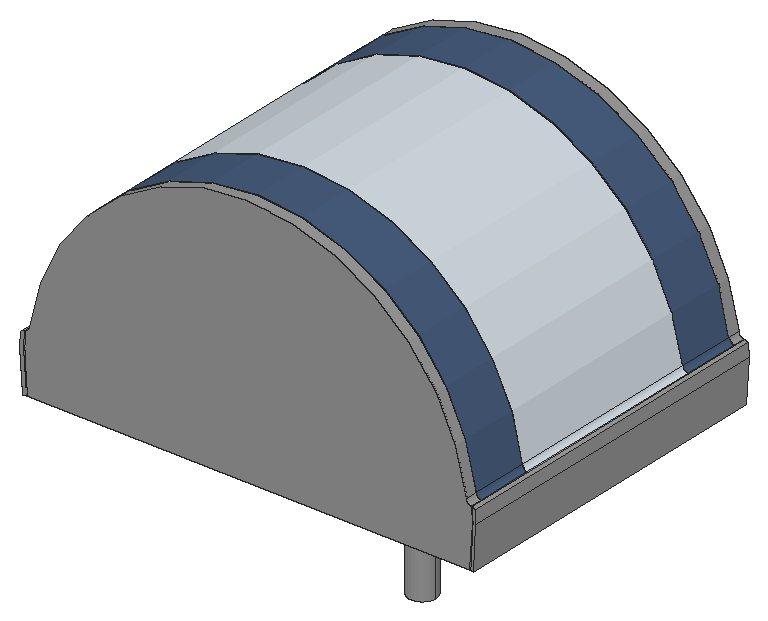
Revit family "Lyss 2.0", category Lighting Fixtures, host Face, Revit 2019
Family settings
  Host = Face
  Round Connector Dimension = Use Diameter
  Part Type = Normal
  Cut with Voids When Loaded = Yes
  Light Source = Yes
  Shared = No
  Room Calculation Point = Yes
Parameters (values of type "Lyss 2.0 U 12°x160° (RGBW 19W 24Vdc)")
  Wiring = "parallel"
  Width mm = 88 mm
  Weight kg = "0.70 kg"
  Wattage = 6.89367 W
  built-in parameter 1150110 = 1 (stored number, unit not read)
  Voltage = 24 V
  URL Accessories and power supply units = "https://www.lucelight.it/en/prodotto.php/116688#a-scheda-accessori"
  URL = "https://www.lucelight.it/en/prodotto.php/116688"
  built-in parameter 1114217 = 1 (stored number, unit not read)
  Tiltable = "-"
  URL Technical sheet = "https://www.lucelight.it/media/prodotti/st/ST_LYSS_20.pdf"
  URL Image = "https://www.lucelight.it/media/prodotti/foto/lyss_2.0_still.jpg"
  URL IES Photometric file = "https://www.lucelight.it/media/prodotti/fotometrie/lyss_2.0_ies.zip"
  URL General code = "https://www.lucelight.it/en/prodotto.php/116688#a-generacodice"
  URL Description = "https://www.lucelight.it/en/capitolato.php/116688"
  URL DXF = "https://www.lucelight.it/media/prodotti/dxf/lyss_2.0.dxf"
  URL Catalogue = "https://www.lucelight.it/media/prodotti/mf_brochure/lyss_brochure_en.pdf"
  Tilt Angle = 90.00°
  built-in parameter 1150109 = 1 (stored number, unit not read)
  built-in parameter 1150134 = 12
  built-in parameter 1150113 = 1 (stored number, unit not read)
  Power supply unit = "not included"
  Power supply = "24Vdc"
  Power cables = "includes 1.5 m FEP+RUB cable (equivalent to H05RN-F) 6x0.50/0.50 Ø6.3 mm"
  Screen = L&L_Polycarbonate(1)
  Power = "19W"
  Photometric Web File = "LYSS 2.0 U 12°x160° [RGBW 19W 24Vdc].IES"
  Optics = "12°x160°"
  Notes = "-"
  No. and type of led = "4 RGBW LEDs groups, 50 000h L90 B10 (Ta 25°C)"
  Mounting = "surface mounted (windowsill, arch)"
  Model = "Lyss 2.0"
  Material = "body in die-cast aluminium, screen in polycarbonate"
  Manufacturer = "L&L Luce&Light"
  built-in parameter 1150105 = 81.487 (stored number, unit not read)
  Lumens = 1024 lm
  built-in parameter 1150115 = 1 (stored number, unit not read)
  Lumen output at source = "1024 lm, R: 124 lm G: 340 lm B: 120 lm W: 440 lm (4000K)"
  built-in parameter 1150137 = (empty or 0)
  built-in parameter 1150139 = (empty or 0)
  Lens = L&L_Polycarbonate
  Length mm = 118 mm
  built-in parameter 1150112 = 1 (stored number, unit not read)
  built-in parameter 1150114 = 1 (stored number, unit not read)
  LED Colour = "RGBW"
  built-in parameter 1150132 = 2
  built-in parameter 1150102 = (empty or 0)
  built-in parameter 1150107 = 4000 (stored number, unit not read)
  built-in parameter 1150138 = (empty or 0)
  built-in parameter 1150106 = 0.81487 (stored number, unit not read)
  IP = "IP65"
  Height mm = 66 mm
  Features = "-"
  Energy efficiency class = "A A+ A++"
  Emit from Line Length = 609.6 mm
  built-in parameter 1150104 = 13.8 (stored number, unit not read)
  Dimming Lamp Color Temperature Shift = <None>
  Description = "Projector for outdoor applications"
  Delivered lumen output = "256 lm, R: 31 lm G: 85 lm B: 30 lm W: 110 lm (4000K)"
  Default Elevation = 1219.2 mm
  Cutout dimensions = "-"
  Control system = "-"
  Contact = "T: +39 0444 360571; E: lucelight@lucelight.it"
  Company = "L&L Luce&Light"
  Color Filter = 16777215
  Code = "-"
  CRI = "-"
  Body = L&L_Die Cast aluminium
  built-in parameter 1114218 = 1 (stored number, unit not read)
  built-in parameter 1150133 = 10 (stored number, unit not read)
  Apparent Load Phase 1 = 19 W
  Apparent Load = 0 VA
Reference planes
  plane 1 "Center (Front/Back)": y = 0
  plane 2: z = 0
  plane 3 "Center (Left/Right)": x = 0
Dimensions and locks
  aligned and locked: plane 2 to host face
  aligned and locked: level to host face
Nested families
  nested 1: "Lyss 2.0_mod" at (0, 0, 0), type "Lyss 2.0_mod"
Connectors
  electrical at (0, 0, 0), driven by "Apparent Load Phase 1", driven by "Voltage"
    settings: index 1, voltage 24 V, apparent load 0 VA, apparent load phase1 19 VA, apparent load phase2 0 VA, apparent load phase3 0 VA, power factor 1, load classification "Lighting", number of poles 1, system type 31, power factor state 1, is connector primary yes, connector utility no, sub classification motor no, connector description ""
Definition of nested family "Lyss 2.0_mod"
  Parameters (values of type "Lyss 2.0_mod")
    Screen = none
    Lens = none
    Default Elevation = 1219.2 mm
    Body = none
  Reference planes
    plane 1 "Light Source Axis (F/B)": y = 0
    plane 2: z = 0
    plane 3 "Light Source Axis (L/R)": x = 0
    plane 4 "Light Source Elevation": z = 440
    plane 5: y = 44
    plane 6: y = -44
    plane 7: y = 41
    plane 8: y = -41
    plane 9: y = -26
    plane 10: y = 26
    plane 11: x = 36.95
    plane 12: y = -33
  Forms (mm)
    Extrusion 1, solid, material <- "Body", detail levels coarse
      sketch origin (0, 0, 0) x (1, 0, 0) y (0, 0, 1)
        loop
          line (-56.285, 0) -> (56.285, 0)
          arc (56.285, 0) -> (0, 66) -> (-56.285, 0) r 57
      from -44 to 44
    Extrusion 2, solid, material <- "Body", detail levels medium
      sketch origin (0, 0, 0) x (1, 0, 0) y (0, 0, 1)
        loop
          arc (-56.465, 16.795) -> (-56.93, 15.901) -> (-57.857, 15.503) r 1.5
          arc (-57.857, 15.503) -> (-58.389, 15.361) -> (-58.826, 15.026) r 1.405
          line (-58.826, 15.026) -> (-59, 11.7) -> (-58.413, 0.5) -> (58.413, 0.5) -> (59, 11.7) -> (58.826, 15.026)
          arc (58.826, 15.026) -> (58.389, 15.361) -> (57.857, 15.503) r 1.405
          arc (57.857, 15.503) -> (56.93, 15.901) -> (56.465, 16.795) r 1.5
          arc (56.465, 16.795) -> (0, 66) -> (-56.465, 16.795) r 57
      from -44 to 44
    Extrusion 3, solid, material <- "Body", detail levels medium+fine
      sketch origin (0, 0, 0) x (1, 0, 0) y (0, 0, 1)
        loop
          line (55.5, 0) -> (55.5, 0.8) -> (-55.5, 0.8) -> (-55.5, 0) -> (55.5, 0)
      from -41 to 41
    Extrusion 4, solid, material <- "Body", detail levels fine
      sketch origin (0, 0, 0) x (1, 0, 0) y (0, 0, 1)
        loop
          arc (-56.465, 16.795) -> (-56.909, 15.921) -> (-57.799, 15.508) r 1.5
          line (-57.799, 15.508) -> (-57.999, 11.691) -> (-57.412, 0.5) -> (57.412, 0.5) -> (57.999, 11.691) -> (57.799, 15.508)
          arc (57.799, 15.508) -> (56.909, 15.921) -> (56.465, 16.795) r 1.5
          arc (56.465, 16.795) -> (0, 66) -> (-56.465, 16.795) r 57
      from 41 to 44
    Extrusion 5, solid, material <- "Body", detail levels fine
      sketch origin (0, 0, 0) x (1, 0, 0) y (0, 0, 1)
        loop
          arc (58.826, 15.026) -> (58.363, 15.374) -> (57.799, 15.505) r 1.405
          line (57.799, 15.505) -> (57.999, 11.691) -> (57.412, 0.5) -> (58.413, 0.5) -> (59, 11.7) -> (58.826, 15.026)
        loop
          line (-58.826, 15.026) -> (-59, 11.7) -> (-58.413, 0.5) -> (-57.412, 0.5) -> (-57.999, 11.691) -> (-57.799, 15.505)
          arc (-57.799, 15.505) -> (-58.363, 15.374) -> (-58.826, 15.026) r 1.405
      from -44 to 44
    Extrusion 6, solid, material <- "Body", detail levels fine
      sketch origin (0, 0, 0) x (1, 0, 0) y (0, 0, -1)
        loop
          arc (-56.465, -16.795) -> (0, -66) -> (56.465, -16.795) r 57
          arc (56.465, -16.795) -> (56.909, -15.921) -> (57.799, -15.508) r 1.5
          line (57.799, -15.508) -> (57.999, -11.691) -> (57.412, -0.5) -> (-57.412, -0.5) -> (-57.999, -11.691) -> (-57.799, -15.508)
          arc (-57.799, -15.508) -> (-56.909, -15.921) -> (-56.465, -16.795) r 1.5
      from 41 to 44
    Extrusion 7, solid, material <- "Screen", detail levels fine
      sketch origin (0, 0, 0) x (1, 0, 0) y (0, 0, 1)
        loop
          arc (-56.465, 16.795) -> (-56.909, 15.921) -> (-57.799, 15.508) r 1.5
          line (-57.799, 15.508) -> (-57.999, 11.691) -> (-57.412, 0.5) -> (57.412, 0.5) -> (57.999, 11.691) -> (57.799, 15.508)
          arc (57.799, 15.508) -> (56.909, 15.921) -> (56.465, 16.795) r 1.5
          arc (56.465, 16.795) -> (0, 66) -> (-56.465, 16.795) r 57
      from 26 to 41
    Extrusion 8, solid, material <- "Screen", detail levels fine
      sketch origin (0, 0, 0) x (1, 0, 0) y (0, 0, -1)
        loop
          arc (-56.465, -16.795) -> (0, -66) -> (56.465, -16.795) r 57
          arc (56.465, -16.795) -> (56.909, -15.921) -> (57.799, -15.508) r 1.5
          line (57.799, -15.508) -> (57.999, -11.691) -> (57.412, -0.5) -> (-57.412, -0.5) -> (-57.999, -11.691) -> (-57.799, -15.508)
          arc (-57.799, -15.508) -> (-56.909, -15.921) -> (-56.465, -16.795) r 1.5
      from 26 to 41
    Extrusion 9, solid, material <- "Lens", detail levels fine
      sketch origin (0, 0, 0) x (1, 0, 0) y (0, 0, -1)
        loop
          arc (-56.465, -16.795) -> (0, -66) -> (56.465, -16.795) r 57
          arc (56.465, -16.795) -> (56.909, -15.921) -> (57.799, -15.508) r 1.5
          line (57.799, -15.508) -> (57.999, -11.691) -> (57.412, -0.5) -> (-57.412, -0.5) -> (-57.999, -11.691) -> (-57.799, -15.508)
          arc (-57.799, -15.508) -> (-56.909, -15.921) -> (-56.465, -16.795) r 1.5
      from -26 to 26
    Extrusion 10, solid, material <- "Body", detail levels fine
      sketch origin (-54.624, -11.129, 2) x (1, 0, 0) y (0, 1, 0)
        loop
          circle (88.074, -18.371) r 3.5
      from -21.6 to -2
  Dimensions and locks
    equal spacing: plane 5, plane 1 "Light Source Axis (F/B)", plane 6
    plane 5 to plane 6 = 88 mm
    locked: plane 5 to plane 7 at 3
    locked: plane 8 to plane 6 at 3
    aligned and locked: level to plane 2
    aligned and locked: plane 5 to Extrusion 1
    aligned and locked: Extrusion 1 to plane 6
    aligned and locked: plane 7 to Extrusion 3
    aligned and locked: Extrusion 3 to plane 8
    aligned and locked: plane 5 to Extrusion 5
    aligned and locked: Extrusion 5 to plane 6
    aligned and locked: Extrusion 7 to plane 8
    aligned and locked: level to Extrusion 10
  Automatic sketch dimensions
    Extrusion 1 sketch curve to level = 0 mm
    Extrusion 1 sketch curve to plane 3 "Light Source Axis (L/R)" = 0 mm
    Extrusion 1 sketch curve to plane 3 "Light Source Axis (L/R)" = 56.285 mm
    level to Extrusion 1 sketch curve = 9 mm
    Extrusion 2 sketch curve to plane 3 "Light Source Axis (L/R)" = 0 mm
    level to Extrusion 2 sketch curve = 14.101 mm  (x2)
    Extrusion 2 sketch curve to plane 3 "Light Source Axis (L/R)" = 57.769 mm
    Extrusion 2 sketch curve to Extrusion 2 sketch curve = 0.182 mm  (x2)
    level to Extrusion 2 sketch curve = 0.5 mm
    Extrusion 2 sketch curve to Extrusion 2 sketch curve = 0.644 mm  (x2)
    level to Extrusion 2 sketch curve = 15.026 mm  (x2)
    Extrusion 2 sketch curve to Extrusion 2 sketch curve = 1.057 mm  (x2)
    level to Extrusion 2 sketch curve = 11.7 mm  (x2)
    Extrusion 2 sketch curve to Extrusion 2 sketch curve = 1.231 mm  (x2)
    plane 3 "Light Source Axis (L/R)" to Extrusion 2 sketch curve = 57.769 mm
    level to Extrusion 2 sketch curve = 9 mm
    Extrusion 2 sketch curve to Extrusion 2 sketch curve = 1.974 mm  (x2)
    Extrusion 2 sketch curve to Extrusion 2 sketch curve = 1.486 mm
    Extrusion 2 sketch curve to Extrusion 2 sketch curve = 0 mm  (x2)
    Extrusion 3 sketch curve to level = 0 mm
    Extrusion 3 sketch curve to plane 3 "Light Source Axis (L/R)" = 55.5 mm
    level to Extrusion 3 sketch curve = 0.8 mm
    plane 3 "Light Source Axis (L/R)" to Extrusion 3 sketch curve = 55.5 mm
    Extrusion 4 sketch curve to plane 3 "Light Source Axis (L/R)" = 0 mm
    level to Extrusion 4 sketch curve = 0.5 mm
    Extrusion 4 sketch curve to plane 3 "Light Source Axis (L/R)" = 57.412 mm
    level to Extrusion 4 sketch curve = 15.508 mm  (x2)
    Extrusion 4 sketch curve to Extrusion 4 sketch curve = 0.386 mm  (x2)
    Extrusion 4 sketch curve to Extrusion 4 sketch curve = 0.152 mm  (x2)
    level to Extrusion 4 sketch curve = 11.691 mm  (x2)
    Extrusion 4 sketch curve to Extrusion 4 sketch curve = 0.2 mm  (x2)
    plane 3 "Light Source Axis (L/R)" to Extrusion 4 sketch curve = 57.412 mm
    level to Extrusion 4 sketch curve = 9 mm
    Extrusion 4 sketch curve to Extrusion 4 sketch curve = 1.492 mm  (x2)
    Extrusion 4 sketch curve to Extrusion 4 sketch curve = 0 mm
    level to Extrusion 5 sketch curve = 11.7 mm  (x2)
    Extrusion 5 sketch curve to plane 3 "Light Source Axis (L/R)" = 59 mm
    level to Extrusion 5 sketch curve = 15.026 mm  (x2)
    Extrusion 5 sketch curve to Extrusion 5 sketch curve = 0.174 mm
    level to Extrusion 5 sketch curve = 0.5 mm  (x2)
    Extrusion 5 sketch curve to Extrusion 5 sketch curve = 0.587 mm
    level to Extrusion 5 sketch curve = 11.691 mm  (x2)
    Extrusion 5 sketch curve to Extrusion 5 sketch curve = 1.001 mm  (x4)
    level to Extrusion 5 sketch curve = 15.505 mm  (x2)
    Extrusion 5 sketch curve to Extrusion 5 sketch curve = 1.027 mm  (x2)
    Extrusion 5 sketch curve to Extrusion 5 sketch curve = 0.03 mm  (x2)
    plane 3 "Light Source Axis (L/R)" to Extrusion 5 sketch curve = 57.412 mm
    Extrusion 5 sketch curve to Extrusion 5 sketch curve = 0.357 mm
    Extrusion 5 sketch curve to Extrusion 5 sketch curve = 0.23 mm
    Extrusion 6 sketch curve to plane 3 "Light Source Axis (L/R)" = 0 mm
    level to Extrusion 6 sketch curve = 0.5 mm
    Extrusion 6 sketch curve to plane 3 "Light Source Axis (L/R)" = 57.412 mm
    level to Extrusion 6 sketch curve = 15.508 mm  (x2)
    Extrusion 6 sketch curve to Extrusion 6 sketch curve = 0.386 mm  (x2)
    Extrusion 6 sketch curve to Extrusion 6 sketch curve = 0.152 mm  (x2)
    level to Extrusion 6 sketch curve = 11.691 mm  (x2)
    Extrusion 6 sketch curve to Extrusion 6 sketch curve = 0.2 mm  (x2)
    plane 3 "Light Source Axis (L/R)" to Extrusion 6 sketch curve = 57.412 mm
    Extrusion 6 sketch curve to Extrusion 6 sketch curve = 1.492 mm  (x2)
    level to Extrusion 6 sketch curve = 9 mm
    Extrusion 6 sketch curve to Extrusion 6 sketch curve = 0 mm
    Extrusion 7 sketch curve to plane 3 "Light Source Axis (L/R)" = 0 mm
    level to Extrusion 7 sketch curve = 0.5 mm
    Extrusion 7 sketch curve to plane 3 "Light Source Axis (L/R)" = 57.412 mm
    level to Extrusion 7 sketch curve = 15.508 mm  (x2)
    Extrusion 7 sketch curve to Extrusion 7 sketch curve = 0.386 mm  (x2)
    Extrusion 7 sketch curve to Extrusion 7 sketch curve = 0.152 mm  (x2)
    level to Extrusion 7 sketch curve = 11.691 mm  (x2)
    Extrusion 7 sketch curve to Extrusion 7 sketch curve = 0.2 mm  (x2)
    plane 3 "Light Source Axis (L/R)" to Extrusion 7 sketch curve = 57.412 mm
    level to Extrusion 7 sketch curve = 9 mm
    Extrusion 7 sketch curve to Extrusion 7 sketch curve = 1.492 mm  (x2)
    Extrusion 7 sketch curve to Extrusion 7 sketch curve = 0 mm
    Extrusion 8 sketch curve to plane 3 "Light Source Axis (L/R)" = 0 mm
    level to Extrusion 8 sketch curve = 0.5 mm
    Extrusion 8 sketch curve to plane 3 "Light Source Axis (L/R)" = 57.412 mm
    level to Extrusion 8 sketch curve = 15.508 mm  (x2)
    Extrusion 8 sketch curve to Extrusion 8 sketch curve = 0.386 mm  (x2)
    Extrusion 8 sketch curve to Extrusion 8 sketch curve = 0.152 mm  (x2)
    level to Extrusion 8 sketch curve = 11.691 mm  (x2)
    Extrusion 8 sketch curve to Extrusion 8 sketch curve = 0.2 mm  (x2)
    plane 3 "Light Source Axis (L/R)" to Extrusion 8 sketch curve = 57.412 mm
    Extrusion 8 sketch curve to Extrusion 8 sketch curve = 1.492 mm  (x2)
    level to Extrusion 8 sketch curve = 9 mm
    Extrusion 8 sketch curve to Extrusion 8 sketch curve = 0 mm
    Extrusion 9 sketch curve to plane 3 "Light Source Axis (L/R)" = 0 mm
    level to Extrusion 9 sketch curve = 0.5 mm
    Extrusion 9 sketch curve to plane 3 "Light Source Axis (L/R)" = 57.412 mm
    level to Extrusion 9 sketch curve = 15.508 mm  (x2)
    Extrusion 9 sketch curve to Extrusion 9 sketch curve = 0.386 mm  (x2)
    Extrusion 9 sketch curve to Extrusion 9 sketch curve = 0.152 mm  (x2)
    level to Extrusion 9 sketch curve = 11.691 mm  (x2)
    Extrusion 9 sketch curve to Extrusion 9 sketch curve = 0.2 mm  (x2)
    plane 3 "Light Source Axis (L/R)" to Extrusion 9 sketch curve = 57.412 mm
    Extrusion 9 sketch curve to Extrusion 9 sketch curve = 1.492 mm  (x2)
    level to Extrusion 9 sketch curve = 9 mm
    Extrusion 9 sketch curve to Extrusion 9 sketch curve = 0 mm
    Extrusion 10 sketch curve to plane 9 = 3.5 mm
    plane 3 "Light Source Axis (L/R)" to Extrusion 10 sketch curve = 33.45 mm
    radius of Extrusion 10 sketch curve = 3.5 mm
